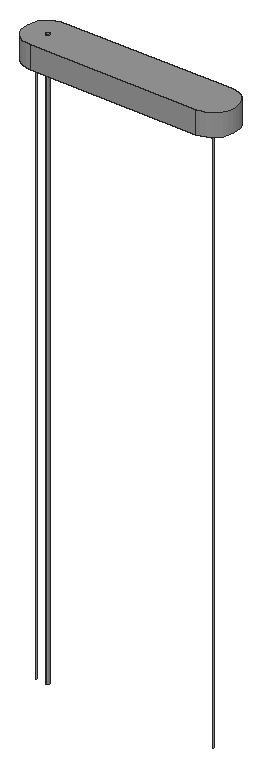
Revit family "Navicula Small", category Lighting Fixtures, host Ceiling, Revit 2017
Family settings
  Host = Ceiling
  Round Connector Dimension = Use Diameter
  Part Type = Normal
  OmniClass Number = 23.80.70.11
  OmniClass Title = Luminaries for Internal Lighting
  Always vertical = Yes
  Cut with Voids When Loaded = No
  Light Source = Yes
  Shared = No
  Room Calculation Point = No
Parameters (values of type "Surface mounted driver (EU)")
  Wattage Comments = "230-240V (EU)"
  Wattage = 3.36605 W
  built-in parameter 1150110 = 1 (stored number, unit not read)
  URL = "https://www.davidtrubridge.com"
  Type Comments = "Confirm with supplier for suitable installation"
  built-in parameter 1114217 = 1 (stored number, unit not read)
  built-in parameter 1150109 = 1 (stored number, unit not read)
  built-in parameter 1150134 = (empty or 0)
  Suspension Top [instance] = 1000 mm
  Suspension Cable Finish = Stainless Steel, Brushed
  built-in parameter 1150113 = 1 (stored number, unit not read)
  Model = "Navicula Small"
  Manufacturer = "David Trubridge"
  Lumens = 500 lm
  built-in parameter 1150115 = 1 (stored number, unit not read)
  built-in parameter 1150105 = 159.15 (stored number, unit not read)
  Suspension LED [instance] = Suspension Top + 125 mm  # 1125 mm
  Light Source Symbol Size = 100 mm
  built-in parameter 1150137 = (empty or 0)
  built-in parameter 1150139 = (empty or 0)
  Lamp Wattage = 11 W
  built-in parameter 1150112 = 1 (stored number, unit not read)
  built-in parameter 1150114 = 1 (stored number, unit not read)
  Lamp = "Linear LED"
  built-in parameter 1150132 = 2
  built-in parameter 1150102 = (empty or 0)
  built-in parameter 1150138 = (empty or 0)
  built-in parameter 1150107 = 2700 (stored number, unit not read)
  built-in parameter 1150106 = 1.5915 (stored number, unit not read)
  Emit from Line Length = 800 mm
  built-in parameter 1150104 = 13.8 (stored number, unit not read)
  Dimming Lamp Color Temperature Shift = <None>
  Description = "Pendant in bamboo plywood with LED light source. Can be made in a large range of colours"
  Cordset Finish = Plastic, Opaque White
  Connection elevation = 40 mm
  Color Filter = 16777215
  Canopy location = 40 mm
  Canopy length = 380 mm
  built-in parameter 1114218 = 1 (stored number, unit not read)
  built-in parameter 1150133 = 10 (stored number, unit not read)
  Apparent Load = 0 VA
Types (2, lengths in mm): name | Wattage Comments | Type Comments | Model | Lamp Wattage | Connection elevation | Canopy location
  Surface mounted driver (EU) | "230-240V (EU)" | "Confirm with supplier for suitable installation" | "Navicula Small" | 11 W | 40 | 40
  Remote Driver (EU/US) | "110V(US) / 230-240V(EU)." | "Remote driver location shown as example only" | "Navicula Medium" | 0 W | 0 | 200
Reference planes
  plane 1 "Light Source Axis (F/B)": y = 0
  plane 2: z = 0
  plane 3 "Light Source Axis (L/R)": x = 0
  plane 4 "Ceiling": z = 4000
  plane 5 "Light Source Elevation": z = 2875
  plane 6 "Top of pendant": z = 2970
  plane 7 "Outer edge": x = -980
  plane 8 "Outer Edge": x = 980
  plane 9 "Bottom of Pendant": z = 2690
  plane 10: y = 460
  plane 11: y = -460
  plane 12 "Connection": z = 2945
  plane 13: z = 4000
  plane 14: x = 213.491
  plane 15: x = -213.393
  plane 16 "Canopy west": x = -181.904
  plane 17 "Canopy east": x = 198.096
  plane 18 "Canopy north": y = 40
  plane 19 "Canopy south": y = -40
  plane 20: through (-287.495, 213.66, 1200) normal (0.9816, 0.1908, 0)
  plane 21: through (85.523, 286.168, 1200) normal (0.9816, 0.1908, 0)
  plane 22: through (-357.335, -52.311, 1200) normal (-0.1908, 0.9816, 0)
  plane 23: through (-342.071, -130.841, 1200) normal (-0.1908, 0.9816, 0)
  plane 24 "Canopy height": z = 4000
  plane 25 "Canopy base": z = 3960
Forms (mm)
  Extrusion 1, solid, material "Plastic, Opaque White" <- "Cordset Finish"
    sketch origin (-142.71, 0, 3200) x (0, 1, 0) y (-1, 0, 0)
      loop
        circle (0, 0) r 3
    from -255 to 800
  Extrusion 2, solid, material "Plastic, Opaque White" <- "Cordset Finish"
    sketch origin (60, 0, 3960) x (0, 1, 0) y (-1, 0, 0)
      loop
        line (-40, 201.904) -> (-40, -98.096)
        arc (-40, -98.096) -> (0, -138.096) -> (40, -98.096) r 40
        line (40, -98.096) -> (40, 201.904)
        arc (40, 201.904) -> (0, 241.904) -> (-40, 201.904) r 40
    from 0 to 40
  Extrusion 3, solid, material "Plastic, Opaque White" <- "Cordset Finish", not visible
    sketch origin (4.871, -22.654, 4180) x (-0.190809, 0.981627, 0) y (-0.981627, -0.190809, 0)
      loop
        line (-40, 201.904) -> (-40, -98.096)
        arc (-40, -98.096) -> (0, -138.096) -> (40, -98.096) r 40
        line (40, -98.096) -> (40, 201.904)
        arc (40, 201.904) -> (0, 241.904) -> (-40, 201.904) r 40
    from 0 to 40
  Extrusion 4, solid, material "Stainless Steel, Brushed" <- "Suspension Cable Finish"
    sketch origin (158.333, 0, 3200) x (0, 1, 0) y (-1, 0, 0)
      loop
        circle (0, 0) r 1
    from -255 to 760
  Extrusion 5, solid, material "Stainless Steel, Brushed" <- "Suspension Cable Finish"
    sketch origin (-162.79, -0.459, 3200) x (0, 1, 0) y (-1, 0, 0)
      loop
        circle (0, 0) r 1
    from -255 to 760
  Revolve 6, solid, material "Plastic, Opaque White" <- "Cordset Finish"
    sketch origin (158.333, 0, 6135) x (-1, 0, 0) y (0, 0, -1)
      loop
        line (0, 2195) -> (0, 2175) -> (7.5, 2175) -> (5, 2195) -> (0, 2195)
      axis (0, 2175) -> (0, 2195)
    angle from 0 to 360
  Revolve 7, solid, material "Plastic, Opaque White" <- "Cordset Finish"
    sketch origin (-162.79, -0.459, 6135) x (-1, 0, 0) y (0, 0, -1)
      loop
        line (0, 2195) -> (0, 2175) -> (7.5, 2175) -> (5, 2195) -> (0, 2195)
      axis (0, 2175) -> (0, 2195)
    angle from 0 to 360
Lines and regions (mm)
  model lines
    curve 1: line (285, 0, 4000) -> (-225, 0, 4000)
    curve 2: line (-141.904, 40, 3960) -> (158.096, 40, 3960)
    curve 3: arc (-141.904, -40, 3960) -> (-181.904, 0, 3960) -> (-141.904, 40, 3960) r 40
  model lines, not visible
    curve 4: line (-200.956, -21.914, 4180) -> (93.532, 35.329, 4180)
    curve 5: arc (-185.691, -100.444, 4180) -> (-232.589, -68.812, 4180) -> (-200.956, -21.914, 4180) r 40
Dimensions and locks
  equal spacing: host sketch curve, plane 3 "Light Source Axis (L/R)", host sketch curve
  equal spacing: host sketch curve, plane 1 "Light Source Axis (F/B)", host sketch curve
  host sketch curve to host sketch curve = 4000 mm  (x2)
  host ceiling to plane 4 "Ceiling" = 0 mm
  plane 4 "Ceiling" to level = 4000 mm
  "Suspension LED": plane 5 "Light Source Elevation" to plane 4 "Ceiling"
  plane 5 "Light Source Elevation" to plane 6 "Top of pendant" = 95 mm
  plane 8 "Outer Edge" to plane 7 "Outer edge" = 1960 mm
  plane 7 "Outer edge" to plane 8 "Outer Edge" = 1960 mm
  locked: plane 9 "Bottom of Pendant" to plane 6 "Top of pendant" at 280
  plane 3 "Light Source Axis (L/R)" to plane 8 "Outer Edge" = 980 mm
  plane 7 "Outer edge" to plane 3 "Light Source Axis (L/R)" = 980 mm
  plane 1 "Light Source Axis (F/B)" to plane 10 = 460 mm
  plane 11 to plane 1 "Light Source Axis (F/B)" = 460 mm
  plane 11 to plane 10 = 920 mm
  imposter light to imposter light = 800 mm
  locked: plane 12 "Connection" to plane 6 "Top of pendant" at 25
  plane 16 "Canopy west" to plane 17 "Canopy east" = 380 mm
  plane 18 "Canopy north" to plane 19 "Canopy south" = 80 mm
  plane 20 to plane 21 = 380 mm
  plane 22 to plane 23 = 80 mm
  "Canopy length": plane 16 "Canopy west" to plane 17 "Canopy east"
  "Canopy location": plane 25 "Canopy base" to plane 24 "Canopy height"
  "Connection elevation": plane 25 "Canopy base" to plane 4 "Ceiling"
  aligned and locked: plane 5 "Light Source Elevation" to imposter light
  aligned and locked: level to plane 2
  aligned and locked: Extrusion 1 to plane 24 "Canopy height"
  aligned and locked: import instance to plane 6 "Top of pendant"
  aligned and locked: plane 24 "Canopy height" to Extrusion 2
  aligned and locked: plane 12 "Connection" to Extrusion 4
  aligned and locked: Extrusion 4 to plane 25 "Canopy base"
  aligned and locked: plane 12 "Connection" to Extrusion 5
  aligned and locked: Extrusion 5 to plane 25 "Canopy base"
  aligned and locked: plane 12 "Connection" to Extrusion 1
Automatic sketch dimensions
  curve 1 to plane 4 "Ceiling" = 0 mm
  curve 1 to plane 16 "Canopy west" = 43.096 mm
  plane 14 to curve 1 = 71.509 mm
  plane 1 "Light Source Axis (F/B)" to Extrusion 1 sketch curve = 0 mm
  plane 15 to Extrusion 1 sketch curve = 70.683 mm
  Extrusion 2 sketch curve to plane 19 "Canopy south" = 0 mm
  Extrusion 2 sketch curve to plane 18 "Canopy north" = 0 mm
  Extrusion 2 sketch curve to plane 17 "Canopy east" = 40 mm
  plane 16 "Canopy west" to Extrusion 2 sketch curve = 40 mm
  curve 3 to plane 19 "Canopy south" = 0 mm
  curve 2 to plane 18 "Canopy north" = 0 mm
  plane 16 "Canopy west" to curve 3 = 40 mm
  curve 2 to plane 17 "Canopy east" = 40 mm
  Extrusion 3 sketch curve to plane 23 = 0 mm
  Extrusion 3 sketch curve to plane 22 = 0 mm
  Extrusion 3 sketch curve to plane 21 = 40 mm
  plane 20 to Extrusion 3 sketch curve = 40 mm
  curve 5 to plane 23 = 0 mm
  curve 4 to plane 22 = 0 mm
  plane 20 to curve 5 = 40 mm
  curve 4 to plane 21 = 40 mm
  plane 1 "Light Source Axis (F/B)" to Extrusion 4 sketch curve = 0 mm
  Extrusion 4 sketch curve to plane 17 "Canopy east" = 39.763 mm
  plane 1 "Light Source Axis (F/B)" to Extrusion 5 sketch curve = 0.459 mm
  plane 15 to Extrusion 5 sketch curve = 50.602 mm
  Revolve 6 sketch curve to plane 25 "Canopy base" = 0 mm
  Revolve 6 sketch curve to plane 6 "Top of pendant" = 0 mm
  Revolve 6 sketch curve to plane 17 "Canopy east" = 39.763 mm  (x2)
  plane 25 "Canopy base" to Revolve 6 sketch curve = 20 mm
  Revolve 6 sketch curve to Revolve 6 sketch curve = 5 mm
  Revolve 6 sketch curve to Revolve 6 sketch curve = 7.5 mm
  Revolve 6 sketch curve to plane 4 "Ceiling" = 2329.8 mm
  Revolve 7 sketch curve to plane 25 "Canopy base" = 0 mm
  Revolve 7 sketch curve to plane 6 "Top of pendant" = 0 mm
  plane 16 "Canopy west" to Revolve 7 sketch curve = 19.114 mm  (x2)
  Revolve 7 sketch curve to Revolve 7 sketch curve = 5 mm
  Revolve 7 sketch curve to Revolve 7 sketch curve = 7.5 mm
  plane 25 "Canopy base" to Revolve 7 sketch curve = 20 mm
  Revolve 7 sketch curve to plane 4 "Ceiling" = 2329.8 mm
  radius of Extrusion 1 sketch curve = 3 mm
  radius of Extrusion 4 sketch curve = 1 mm
  radius of Extrusion 5 sketch curve = 1 mm
Connectors
  electrical at (0, 0.108, 4000)
    settings: index 1, voltage 0 V, apparent load 0 VA, apparent load phase1 0 VA, apparent load phase2 0 VA, apparent load phase3 0 VA, power factor 1, load classification "Other", number of poles 1, system type 30, power factor state 0, is connector primary yes, connector utility no, sub classification motor no, connector description ""
